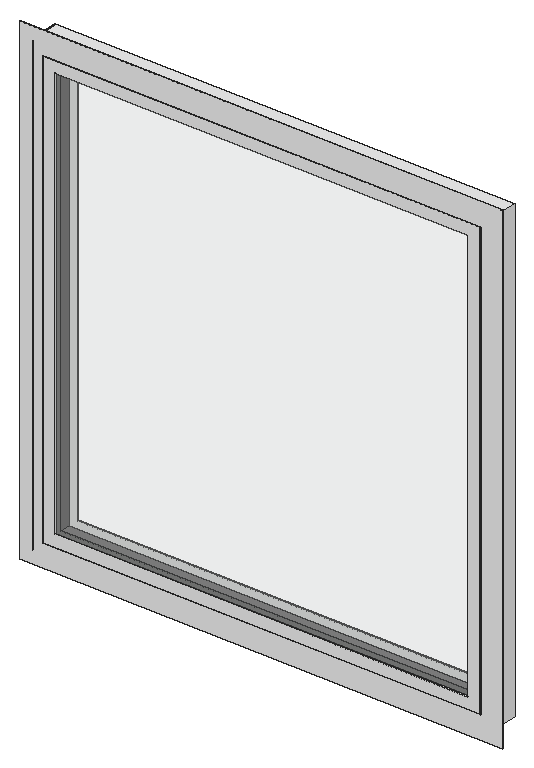
Revit family "Casement_38_A_Side_Hung_Custom", category Windows, host Wall, Revit 2014
Parameters (values of type "Casement_Sash_DG")
  Width Sash [instance] = 30 mm
  Width Sash Inner = 15 mm
  Width Bead = 15 mm
  Top Hung [instance] = yes
  Side Hung Right [instance] = yes
  Side Hung Left [instance] = yes
  Sash Opening Width [instance] = 600 mm
  Sash Opening Height [instance] = 600.312 mm
  Sash Lip = 15 mm
  Glazing Material [instance] = Glass
  DG Start Piece 2 [instance] = DG End Piece 1 + DG Gasket Thickness  # 25 mm
  DG Start Peice 1 [instance] = (Depth Sash - (2 * DG Glazing Thickness) - DG Gasket Thickness) / 2  # 6.6 mm
  Glazing Offset = 5 mm
  DG Glazing Thickness [instance] = 6.4 mm
  DG Gasket Thickness = 12 mm  # constant formula
  DG Gasket Material [instance] = Double Glazing Gasket Material
  DG End Piece 2 [instance] = DG Start Piece 2 + DG Glazing Thickness  # 31.4 mm
  DG End Piece 1 [instance] = DG Start Peice 1 + DG Glazing Thickness  # 13 mm
  Depth Sash [instance] = 38 mm
  Center Vertical Sash [instance] = Sash Opening Height / 2  # 300.156 mm
  Center Horizontal Sash [instance] = Sash Opening Width / 2  # 300 mm
  Bottom Hung [instance] = yes
  Bead Offset = 15 mm
  Aluminium Thickness = 1 mm
  Aluminium Material [instance] = White Powder Coated Aluminium
Reference planes
  plane 1 "Center (Front/Back)": y = 0
  plane 2: z = 0
  plane 3 "Center (Left/Right)": x = 0
Forms (mm)
  Sweep 1, solid, material "White Powder Coated Aluminium" <- "Aluminium Material"
    path origin (16.177, 0, 121.331) x (1, 0, 0) y (0, 0, 1)
      loop
        line (0, 0) -> (600, 0) -> (600, 600.312) -> (0, 600.312) -> (0, 0)
    profile origin (316.177, 0, 121.331) x (0, 0, 1) y (0, -1, 0)
      loop
        line (0, 0) -> (30, 0) -> (30, 1) -> (15, 1) -> (15, 38) -> (-15, 38) -> (-15, 37) -> (0, 37) -> (0, 0)
      loop
        line (14, 1) -> (14, 37) -> (1, 37) -> (1, 1) -> (14, 1)
  Sweep 2, solid, material "White Powder Coated Aluminium" <- "Aluminium Material"
    path origin (0, 0, 0) x (1, 0, 0) y (0, 0, 1)
      loop
        line (31.177, 706.643) -> (31.177, 136.331) -> (601.177, 136.331) -> (601.177, 706.643) -> (31.177, 706.643)
    profile origin (316.177, 0, 706.643) x (0, 0, 1) y (0, -1, 0)
      loop
        line (0, 37) -> (0, 38) -> (-15, 38) -> (-15, 37) -> (0, 37)
  Extrusion 3, solid, material "Glass" <- "Glazing Material"
    sketch origin (0, 0, 0) x (1, 0, 0) y (0, 0, 1)
      loop
        line (36.177, 701.643) -> (36.177, 141.331) -> (596.177, 141.331) -> (596.177, 701.643) -> (36.177, 701.643)
    from 6.6 <- "DG Start Peice 1" to 13 <- "DG End Piece 1"
  Extrusion 4, solid, material "Glass" <- "Glazing Material"
    sketch origin (0, 0, 0) x (1, 0, 0) y (0, 0, 1)
      loop
        line (36.177, 701.643) -> (36.177, 141.331) -> (596.177, 141.331) -> (596.177, 701.643) -> (36.177, 701.643)
    from 31.4 <- "DG End Piece 2" to 25 <- "DG Start Piece 2"
  Sweep 5, solid, material "Double Glazing Gasket Material" <- "DG Gasket Material"
    path origin (0, -13, 0) x (1, 0, 0) y (0, 0, 1)
      loop
        line (36.177, 701.643) -> (36.177, 141.331) -> (596.177, 141.331) -> (596.177, 701.643) -> (36.177, 701.643)
    profile origin (316.177, -13, 701.643) x (0, 0, 1) y (0, -1, 0)
      loop
        line (0, 0) -> (0, 12) -> (-7.96, 12) -> (-7.96, 0) -> (0, 0)
Lines and regions (mm)
  model lines
    curve 1: line (1.177, -38, 736.643) -> (31.177, -38, 706.643)
    curve 2: line (601.177, -38, 706.643) -> (631.177, -38, 736.643)
    curve 3: line (601.177, -38, 136.331) -> (631.177, -38, 106.331)
    curve 4: line (1.177, -38, 106.331) -> (31.177, -38, 136.331)
    curve 5: line (631.177, -37, 736.643) -> (616.177, -37, 721.643)
    curve 6: line (1.177, -37, 736.643) -> (16.177, -37, 721.643)
    curve 7: line (1.177, -37, 106.331) -> (16.177, -37, 121.331)
    curve 8: line (631.177, -37, 106.331) -> (616.177, -37, 121.331)
    curve 9: line (616.177, 0, 121.331) -> (586.177, 0, 151.331)
    curve 10: line (46.177, 0, 151.331) -> (16.177, 0, 121.331)
    curve 11: line (616.177, 0, 721.643) -> (586.177, 0, 691.643)
    curve 12: line (46.177, 0, 691.643) -> (16.177, 0, 721.643)
    curve 13: line (31.177, -38, 691.643) -> (46.177, -38, 691.643)
    curve 14: line (586.177, -38, 691.643) -> (601.177, -38, 691.643)
    curve 15: line (586.177, -38, 151.331) -> (601.177, -38, 151.331)
    curve 16: line (31.177, -38, 151.331) -> (46.177, -38, 151.331)
  model lines, style "GenericModelHiddenLines", visible <- "Top Hung"
    curve 17: line (46.386, -31.4, 690.914) -> (316.177, -31.4, 151.331)
    curve 18: line (316.177, -31.4, 151.331) -> (586.177, -31.4, 691.331)
  model lines, style "GenericModelHiddenLines", visible <- "Bottom Hung"
    curve 19: line (46.177, -31.4, 151.331) -> (316.177, -31.4, 691.331)
    curve 20: line (316.177, -31.4, 691.331) -> (586.177, -31.4, 151.331)
  model lines, style "GenericModelHiddenLines", visible <- "Side Hung Left"
    curve 21: line (46.386, -31.4, 690.914) -> (585.24, -31.4, 421.487)
    curve 22: line (585.24, -31.4, 421.487) -> (46.177, -31.4, 151.331)
  model lines, style "GenericModelHiddenLines", visible <- "Side Hung Right"
    curve 23: line (586.177, -31.4, 691.331) -> (46.177, -31.4, 421.487)
    curve 24: line (46.177, -31.4, 421.487) -> (586.177, -31.4, 151.331)
Dimensions and locks
  "Aluminium Thickness": Sweep 1 sketch curve to Sweep 1 sketch curve  (x4)
  "Depth Sash": Sweep 1 sketch curve to Sweep 1 sketch curve
  "Sash Opening Width": Sweep 1 to Sweep 1
  "Sash Opening Height": Sweep 1 to Sweep 1
  "Width Sash": Sweep 1 sketch curve to Sweep 1 sketch curve  (x2)
  "Width Sash Inner": Sweep 1 sketch curve to Sweep 1 sketch curve
  "Sash Lip": Sweep 1 sketch curve to Sweep 1 sketch curve
  "Aluminium Thickness": Sweep 1 to Sweep 2 sketch curve
  "Glazing Offset": Sweep 2 to Extrusion 3 sketch curve  (x3)
  "Glazing Offset": Extrusion 3 sketch curve to Sweep 2
  Sweep 1 to Sweep 1 = 1 mm
  "Aluminium Thickness": Sweep 2 sketch curve to Sweep 2 sketch curve
  "Width Bead": Sweep 2 sketch curve to Sweep 2 sketch curve
  locked: Sweep 5 sketch curve to Sweep 5 sketch curve at 7.96
  "Center Horizontal Sash": Sweep 1 to curve 18
  "Center Horizontal Sash": Sweep 1 to curve 20
  "Center Vertical Sash": Sweep 1 to curve 22
  "Center Vertical Sash": Sweep 1 to curve 24
  aligned and locked: level to plane 2
  aligned and locked: Sweep 1 sketch curve to Sweep 1 sketch curve  (x2)
  aligned and locked: Sweep 2 sketch curve to Sweep 1  (x5)
  aligned and locked: Extrusion 4 sketch curve to Extrusion 3  (x4)
  aligned and locked: Sweep 5 sketch curve to Extrusion 3  (x5)
  aligned and locked: Extrusion 3 to Sweep 5 sketch curve
Automatic sketch dimensions
  plane 3 "Center (Left/Right)" to Sweep 1 sketch curve = 16.177 mm
  level to Sweep 1 sketch curve = 121.331 mm
  plane 3 "Center (Left/Right)" to Sweep 1 sketch curve = 616.177 mm
  level to Sweep 1 sketch curve = 721.643 mm
  profile plane to Sweep 5 sketch curve = 12 mm
  curve 7 to Sweep 1 = 0 mm  (x4)
  curve 6 to Sweep 1 = 0 mm  (x3)
  Sweep 1 to curve 6 = 0 mm
  curve 5 to Sweep 1 = 0 mm  (x3)
  curve 8 to Sweep 1 = 0 mm  (x4)
  Sweep 1 to curve 5 = 0 mm
  curve 16 to Sweep 2 = 0 mm  (x3)
  curve 13 to Sweep 2 = 0 mm  (x3)
  curve 15 to Sweep 2 = 0 mm
  Sweep 2 to curve 15 = 0 mm  (x2)
  curve 14 to Sweep 2 = 0 mm  (x2)
  Sweep 2 to curve 14 = 0 mm
  curve 1 to Sweep 1 = 0 mm  (x4)
  curve 4 to Sweep 1 = 0 mm  (x3)
  Sweep 1 to curve 4 = 0 mm
  curve 3 to Sweep 1 = 0 mm  (x3)
  curve 2 to Sweep 1 = 0 mm  (x4)
  Sweep 1 to curve 3 = 0 mm
  curve 10 to Sweep 1 = 0 mm  (x4)
  curve 12 to Sweep 1 = 0 mm  (x3)
  Sweep 1 to curve 12 = 0 mm
  curve 9 to Sweep 1 = 0 mm  (x4)
  curve 11 to Sweep 1 = 0 mm  (x3)
  Sweep 1 to curve 11 = 0 mm
  Sweep 1 sketch curve to plane 1 "Center (Front/Back)" = 0 mm
  profile plane to Sweep 1 sketch curve = 0 mm
  curve 21 to Extrusion 4 = 10.208 mm
  curve 19 to Extrusion 4 = 10 mm
  curve 23 to Extrusion 4 = 10 mm  (x2)
  curve 22 to Extrusion 4 = 10.937 mm
  curve 20 to Extrusion 4 = 10 mm
  curve 24 to Extrusion 4 = 10 mm
  curve 22 to Extrusion 4 = 10 mm
  curve 18 to Extrusion 4 = 10 mm
  curve 21 to Extrusion 4 = 10.729 mm
  curve 19 to Extrusion 4 = 10.312 mm
  curve 18 to Extrusion 4 = 10.312 mm
